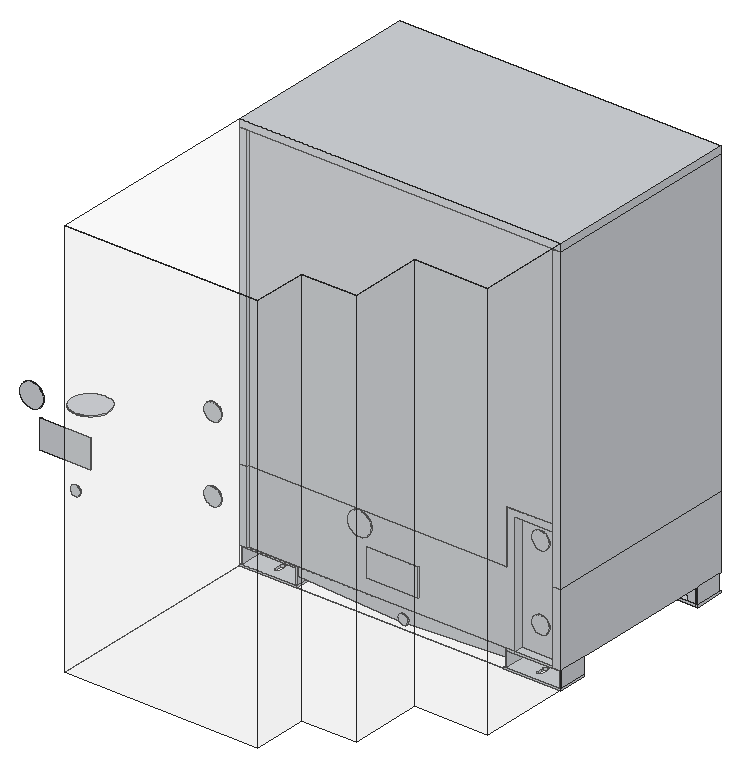
Revit family "pqry-p224_1000(s)dmg9_50Hz", category 機械設備, Revit 2019
Family settings
  丸型コネクタ寸法 = 直径を使用
  パーツ タイプ = 標準
  OmniClass 番号 = 23.75.10.24.21.27.27
  OmniClass タイトル = Split System Air Conditioning Units
  作業面ベース = いいえ
  常に垂直 = はい
  ロード時にボイドで切り取り = いいえ
  共有 = いいえ
  部屋計算ポイント = いいえ
Parameters (values of type "PQRY-P224DMG9")
  音響パワーレベル(dB) = 67
  電源種別 = ""
  電源径 = 65.00 mm  # constant formula
  電圧 = 200 V
  電動機出力_送風機 = 0 kW
  電動機出力_圧縮機 = 5.1 kW
  集中コントローラ [instance] = ""
  運転質量 = 178.00 kg
  運転方法 = "冷暖同時"
  質量 = 0.00 kg
  負荷分類 = 1_熱源類
  説明 = "ビル用マルチエアコン 室外ユニット シティマルチWR2 Eeco"
  設計暖房能力 [instance] = 0 kW
  設計冷房能力_顕熱 [instance] = 0 kW
  設計冷房能力 [instance] = 0 kW
  設置方法 = "床置形"
  記号 [instance] = ""
  製造元 = "三菱電機株式会社"
  製品質量 = 173.00 kg
  製品出荷対象 = "国内"
  製品リリース年月 = "2024/4/26"
  製品グループ = ""
  系統 [instance] = ""
  符号 = "EHP"
  積算_科目 = "1 空気調和設備"
  積算_拾い区分 [instance] = ""
  相 = 3
  盤記号 [instance] = ""
  発停方法 = "付属スイッチ"
  特殊仕様 [instance] = ""
  熱源水量 = 5.76 m³/h
  熱源水管径 = 48.60 mm
  熱源水入口温度_暖房 = 20
  熱源水入口温度_冷房 = 30
  消費電力_暖房 = 3.57 kW
  消費電力_冷房 = 4.05 kW
  消費電力 = if(消費電力_冷房 > 消費電力_暖房, 消費電力_冷房, 消費電力_暖房)  # 4.05 kW
  法定耐用年数 = "15"
  水配管出口径 = 水配管入口径  # 48.60 mm
  水配管入口径 = 48.60 mm  # constant formula
  水熱交換機器　保有水量 = 4.6
  機械基礎質量 [instance] = 0.00 kg
  機械基礎_W = 0.00 mm
  機械基礎_H = 0.00 mm
  機械基礎_D = 0.00 mm
  機械基礎 [instance] = no
  極数 = 3
  材質 [instance] = ""
  本体マテリアル = none
  最小電線太さ_mm2 = 5.5
  最大電流値 = 20 A
  暖房能力 = 25 kW
  損失水頭_熱源水一次側 = 24000.0 Pa
  推奨ブレーカー容量 = 30 A
  形式 = "マルチパッケージ形 室外機"
  冷媒液管径 = 15.88 mm
  冷媒ガス管径 = 19.05 mm
  ユニット2 = PQRY-P-DMG① : PQRY-P224DMG9
  幹線記号 [instance] = ""
  始動方式 = "インバーター"
  呼称 = "マルチパッケージ形空気調和機"
  周波数 = 50 Hz
  参照している仕様書等のバージョン = "公共建築工事標準仕様書（機械設備工事編）平成31年度版"
  分類コード = "50053005200000"
  分類グループ = ""
  冷房能力 = 22.4 kW
  冷媒管長 [instance] = 0.00 mm
  冷媒管径符号 = "De"
  冷媒管径 = 100.00 mm  # constant formula
  価格 = 0
  企業コード = "108420"
  付属品 [instance] = ""
  仕様書バージョン = "Version1.0"
  ユニット数 = 1
  ユニット2電源高さ = ユニット1電源高さ  # 216.00 mm
  ユニット2電源幅 = ユニット1電源幅  # 555.00 mm
  ユニット2ダクト左位置 = ユニット1ダクト左位置  # 394.00 mm
  ユニット2ダクト下位置 = ユニット1ダクト下位置  # 89.00 mm
  ユニット2水配管出口高さ = ユニット1水配管出口高さ  # 208.00 mm
  ユニット2水配管出口幅 = ユニット1水配管出口幅  # 77.00 mm
  ユニット2水配管入口高さ = ユニット1水配管入口高さ  # 124.00 mm
  ユニット2水配管入口幅 = ユニット1水配管入口幅  # 77.00 mm
  ユニット2冷媒高圧径 = 15.88 mm
  ユニット2冷媒管高さ = ユニット1冷媒管高さ  # 185.00 mm
  ユニット2冷媒管幅 = ユニット1冷媒管幅  # 463.50 mm
  ユニット2冷媒管奥行き = ユニット1冷媒管奥行き  # 91.00 mm
  ユニット2冷媒低圧径 = 19.05 mm
  ユニット2ドレン高さ = ユニット1ドレン高さ  # 23.00 mm
  ユニット2ドレン幅 = ユニット1ドレン幅  # 435.00 mm
  ユニット2表示 = no
  ユニット1 = PQRY-P-DMG① : PQRY-P224DMG9
  ユニット1電源高さ = 216.00 mm
  ユニット1電源幅 = 555.00 mm
  ユニット1ダクト左位置 = 394.00 mm
  ユニット1ダクト下位置 = 89.00 mm  # constant formula
  ユニット1水配管出口高さ = 208.00 mm
  ユニット1水配管出口幅 = ユニット1水配管入口幅  # 77.00 mm
  ユニット1水配管入口高さ = 124.00 mm
  ユニット1水配管入口幅 = 77.00 mm
  ユニット1冷媒高圧径 = 15.88 mm
  ユニット1冷媒管高さ = 185.00 mm
  ユニット1冷媒管幅 = 463.50 mm
  ユニット1冷媒管奥行き = 91.00 mm
  ユニット1冷媒低圧径 = 19.05 mm
  ユニット1ドレン高さ = 23.00 mm  # constant formula
  ユニット1ドレン幅 = 435.00 mm
  モデル = "PQRY-P224DMG9"
  ドレン管径 = 27.20 mm  # constant formula
  ダクト高 = 77 mm  # constant formula
  ダクト幅 = 140 mm  # constant formula
  サービススペース = yes
  ユニット間隔 = 20.00 mm  # constant formula
  コメント [instance] = ""
  Keynote = ""
  Width = 880.00 mm
  Version = ""
  Uniclass2015Version = "Systems v1.9"
  Uniclass2015Title = "Split coil remote air cooled condensing units"
  Uniclass2015Code = "Pr_70_65_03_84"
  URL = "https://www.mitsubishielectric.co.jp/ldg/wink/qr/002/331987/"
  SpecificationReference = ""
  SpecificationDescription = ""
  Revision = ""
  ProductInformation = ""
  OmniClassCode = "23-33 17 13 11"
  OUTLINE_2 = outline_w : outline_s
  OUTLINE_1 = outline_w : outline_s
  MAX風量 = 0 m³/h
  IfcTypeProduct = ""
  IfcProduct = ""
  IfcExportType = "AIRCONDITIONINGUNIT"
  IfcExportAs = "IfcUnitaryEquipmentType"
  Height = 1100.00 mm
  Depth = 550.00 mm
  Clearance Top = 0.00 mm
  Clearance Right = 0.00 mm
  Clearance Left = 0.00 mm
  Clearance Front = 600.00 mm
  Clearance Back = 0.00 mm
  COP = 0
  Author = "三菱電機株式会社"
  APF = 0
Reference planes
  plane 1: z = 0
  plane 2: z = 1100
  plane 3: z = 1100
  plane 4 "中心(正面/背面)": y = 275
  plane 5 "中心(左/右)": x = 1340
  plane 6 "左": x = 0
  plane 7 "正面": y = 0
  plane 8 "背面": y = 550
  plane 9: x = 880
  plane 10: x = 900
  plane 11: x = 1780
  plane 12: y = -150
  plane 13: y = 550
  plane 14: y = -600
  plane 15: x = 0
  plane 16: x = 1780
  plane 17: x = 440
  plane 18: y = 5
  plane 19: y = 4
  plane 20: y = 29
  plane 21: y = 28
  plane 22: x = 1703
  plane 23: x = 803
  plane 24: z = 332
  plane 25: z = 124
  plane 26: z = 124
  plane 27: z = 332
  plane 28: x = 445
  plane 29: x = 1345
  plane 30: z = 23
  plane 31: z = 23
  plane 32: x = 325
  plane 33: x = 1225
  plane 34: z = 216
  plane 35: z = 216
  plane 36: x = 486
  plane 37: x = 346
  plane 38: x = 1386
  plane 39: x = 1246
  plane 40: z = 166
  plane 41: z = 89
  plane 42: z = 166
  plane 43: z = 89
  plane 44: x = 416.5
  plane 45: x = 1316.5
  plane 46: y = 91
  plane 47: y = 91
  plane 48: z = 185
  plane 49: z = 186
  plane 50: z = 185
  plane 51: z = 186
Forms (mm)
  Extrusion 1, solid, detail levels fine
    sketch origin (0, 275, 0) x (1, 0, 0) y (0, 0, 1)
      loop
        circle (803, 332) r 24.3
      loop
        circle (803, 124) r 24.3
    from 246 to 247
  Extrusion 2, solid, visible <- "ユニット2表示", detail levels fine
    sketch origin (0, 275, 0) x (1, 0, 0) y (0, 0, 1)
      loop
        circle (1703, 332) r 24.3
      loop
        circle (1703, 124) r 24.3
    from 246 to 247
  Extrusion 3, solid, detail levels fine
    sketch origin (0, 275, 0) x (1, 0, 0) y (0, 0, 1)
      loop
        circle (445, 23) r 13.6
    from 270 to 271
  Extrusion 4, solid, visible <- "ユニット2表示", detail levels fine
    sketch origin (0, 275, 0) x (1, 0, 0) y (0, 0, 1)
      loop
        circle (1345, 23) r 13.6
    from 270 to 271
  Extrusion 5, solid, visible <- "ユニット2表示", detail levels fine
    sketch origin (0, 275, 0) x (1, 0, 0) y (0, 0, 1)
      loop
        circle (1225, 216) r 32.5
    from 270 to 271
  Extrusion 6, solid, detail levels fine
    sketch origin (0, 275, 0) x (1, 0, 0) y (0, 0, 1)
      loop
        circle (325, 216) r 32.5
    from 270 to 271
  Extrusion 7, solid, visible <- "ユニット2表示", detail levels fine
    sketch origin (0, 275, 0) x (1, 0, 0) y (0, 0, 1)
      loop
        line (1246, 166) -> (1246, 89) -> (1386, 89) -> (1386, 166) -> (1246, 166)
    from 270 to 271
  Extrusion 8, solid, detail levels fine
    sketch origin (0, 275, 0) x (1, 0, 0) y (0, 0, 1)
      loop
        line (346, 89) -> (486, 89) -> (486, 166) -> (346, 166) -> (346, 89)
    from 270 to 271
  Extrusion 9, solid, detail levels fine
    sketch origin (0, 0, 0) x (1, 0, 0) y (0, 1, 0)
      loop
        circle (416.5, 91) r 50
    from 185 to 186
  Extrusion 10, solid, visible <- "ユニット2表示", detail levels fine
    sketch origin (0, 0, 0) x (1, 0, 0) y (0, 1, 0)
      loop
        circle (1316.5, 91) r 50
    from 185 to 186
Dimensions and locks
  "Clearance Top": plane 3 to plane 2
  equal spacing: plane 7 "正面", plane 4 "中心(正面/背面)", plane 8 "背面"
  "Width": plane 6 "左" to plane 9
  "Width": plane 10 to plane 11
  "ユニット間隔": plane 9 to plane 10
  "Clearance Back": plane 13 to plane 8 "背面"
  "Clearance Front": plane 14 to plane 7 "正面"
  "Clearance Left": plane 15 to plane 6 "左"
  "Depth": plane 7 "正面" to plane 8 "背面"
  equal spacing: plane 6 "左", plane 17, plane 9
  equal spacing: plane 10, plane 5 "中心(左/右)", plane 11
  "Clearance Right": plane 11 to plane 16
  "Height": plane 2 to level
  locked: plane 19 to plane 18 at 1
  locked: plane 7 "正面" to plane 18 at 5
  locked: plane 21 to plane 20 at 1
  locked: plane 7 "正面" to plane 20 at 29
  "ユニット2水配管入口幅": plane 11 to plane 22
  "ユニット1水配管入口幅": plane 9 to plane 23
  "ユニット1水配管入口高さ": plane 25 to plane 1
  "ユニット1水配管出口高さ": plane 24 to plane 25
  "ユニット2水配管入口高さ": plane 26 to plane 1
  "ユニット2水配管出口高さ": plane 27 to plane 26
  "ユニット2ドレン高さ": plane 30 to plane 1
  "ユニット1ドレン幅": plane 9 to plane 28
  "ユニット2ドレン幅": plane 11 to plane 29
  "ユニット1ドレン高さ": plane 31 to plane 1
  "ユニット1電源高さ": plane 35 to plane 1
  "ユニット1電源幅": plane 9 to plane 32
  "ユニット2電源高さ": plane 34 to plane 1
  "ユニット2電源幅": plane 11 to plane 33
  "ユニット1ダクト左位置": plane 9 to plane 36
  "ダクト幅": plane 36 to plane 37
  "ユニット2ダクト左位置": plane 11 to plane 38
  "ダクト幅": plane 38 to plane 39
  "ユニット1ダクト下位置": plane 41 to plane 1
  "ダクト高": plane 42 to plane 43
  "ユニット2ダクト下位置": plane 43 to plane 1
  "ダクト高": plane 40 to plane 41
  "ユニット1冷媒管奥行き": plane 7 "正面" to plane 46
  "ユニット2冷媒管奥行き": plane 7 "正面" to plane 47
  "ユニット1冷媒管幅": plane 9 to plane 44
  "ユニット2冷媒管幅": plane 11 to plane 45
  locked: plane 49 to plane 48 at 1
  locked: plane 51 to plane 50 at 1
  "ユニット1冷媒管高さ": plane 48 to plane 1
  "ユニット2冷媒管高さ": plane 50 to plane 1
  "水配管出口径": diameter of Extrusion 1 sketch curve
  "水配管入口径": diameter of Extrusion 1 sketch curve
  "水配管出口径": diameter of Extrusion 2 sketch curve
  "水配管入口径": diameter of Extrusion 2 sketch curve
  "ドレン管径": diameter of Extrusion 3 sketch curve
  "ドレン管径": diameter of Extrusion 4 sketch curve
  "電源径": diameter of Extrusion 6 sketch curve
  "電源径": diameter of Extrusion 5 sketch curve
  "冷媒管径": diameter of Extrusion 9 sketch curve
  "冷媒管径": diameter of Extrusion 10 sketch curve
  aligned and locked: level to plane 1
  aligned and locked: plane 1 to nested 1
  aligned and locked: plane 3 to nested 1
  aligned and locked: plane 3 to nested 4
  aligned and locked: plane 24 to Extrusion 1 sketch curve
  aligned and locked: plane 25 to Extrusion 1 sketch curve
  aligned and locked: plane 23 to Extrusion 1 sketch curve  (x2)
  aligned and locked: Extrusion 1 to plane 20
  aligned and locked: plane 21 to Extrusion 1
  aligned and locked: plane 27 to Extrusion 2 sketch curve
  aligned and locked: plane 22 to Extrusion 2 sketch curve  (x2)
  aligned and locked: plane 26 to Extrusion 2 sketch curve
  aligned and locked: Extrusion 2 to plane 20
  aligned and locked: plane 21 to Extrusion 2
  aligned and locked: plane 28 to Extrusion 3 sketch curve
  aligned and locked: plane 30 to Extrusion 4 sketch curve
  aligned and locked: plane 29 to Extrusion 4 sketch curve
  aligned and locked: Extrusion 4 to plane 18
  aligned and locked: plane 19 to Extrusion 4
  aligned and locked: plane 18 to Extrusion 3
  aligned and locked: plane 19 to Extrusion 3
  aligned and locked: plane 31 to Extrusion 3 sketch curve
  aligned and locked: plane 35 to Extrusion 6 sketch curve
  aligned and locked: plane 32 to Extrusion 6 sketch curve
  aligned and locked: plane 34 to Extrusion 5 sketch curve
  aligned and locked: plane 33 to Extrusion 5 sketch curve
  aligned and locked: Extrusion 6 to plane 18
  aligned and locked: plane 19 to Extrusion 6
  aligned and locked: Extrusion 5 to plane 18
  aligned and locked: plane 19 to Extrusion 5
  aligned and locked: Extrusion 7 sketch curve to plane 42
  aligned and locked: plane 39 to Extrusion 7 sketch curve
  aligned and locked: plane 43 to Extrusion 7 sketch curve
  aligned and locked: Extrusion 7 sketch curve to plane 38
  aligned and locked: Extrusion 7 to plane 18
  aligned and locked: plane 19 to Extrusion 7
  aligned and locked: Extrusion 8 sketch curve to plane 41
  aligned and locked: plane 37 to Extrusion 8 sketch curve
  aligned and locked: plane 40 to Extrusion 8 sketch curve
  aligned and locked: Extrusion 8 sketch curve to plane 36
  aligned and locked: Extrusion 8 to plane 18
  aligned and locked: plane 19 to Extrusion 8
  aligned and locked: plane 46 to Extrusion 9 sketch curve
  aligned and locked: plane 44 to Extrusion 9 sketch curve
  aligned and locked: plane 47 to Extrusion 10 sketch curve
  aligned and locked: plane 45 to Extrusion 10 sketch curve
  aligned and locked: plane 51 to Extrusion 10
  aligned and locked: Extrusion 10 to plane 50
  aligned and locked: plane 49 to Extrusion 9
  aligned and locked: Extrusion 9 to plane 48
  aligned and locked: plane 4 "中心(正面/背面)" to nested 2
  aligned and locked: plane 17 to nested 2
  aligned and locked: plane 5 "中心(左/右)" to nested 3
  aligned and locked: plane 4 "中心(正面/背面)" to nested 3
  aligned and locked: plane 15 to nested 4
  aligned and locked: plane 9 to nested 4
  aligned and locked: nested 4 to plane 14
  aligned and locked: plane 7 "正面" to nested 4
  aligned and locked: nested 3 to plane 7 "正面"
  aligned and locked: plane 16 to nested 1
  aligned and locked: nested 1 to plane 14
  aligned and locked: plane 10 to nested 1
  aligned and locked: plane 4 "中心(正面/背面)" to nested 5
  aligned and locked: plane 4 "中心(正面/背面)" to nested 6
  aligned and locked: plane 5 "中心(左/右)" to nested 6
  aligned and locked: plane 17 to nested 5
Nested families
  nested 1: "サービススペース(pqry-p)" at (1340, -300, 550), type "サービススペース(pqry-p)"
    with 表示 yes, Width 880.00 mm, Height 1100.00 mm, Depth 600.00 mm
  nested 2: "PQRY-P-DMG①" at (440, 275, 0), type <- "ユニット2", ⑥水配管-径 <- "水配管入口径", ⑥水配管-H <- "ユニット2水配管入口高さ", ⑥水配管-W <- "ユニット2水配管出口幅", ⑦水配管-H <- "ユニット2水配管出口高さ", マテリアル1 <- "本体マテリアル", ⑧ドレン-H <- "ユニット2ドレン高さ", ⑧ドレン-W <- "ユニット2ドレン幅", ⑧ドレン-径 <- "ドレン管径", ①-H <- "ユニット2ダクト下位置", ①-W <- "ユニット2ダクト左位置", ①配管用-H <- "ダクト高", ①配管用-W <- "ダクト幅", ③電源-H <- "ユニット2電源高さ", ③電源-W <- "ユニット2電源幅", ③電源-径 <- "電源径", 圧-径 <- "冷媒管径", 低圧-D <- "ユニット2冷媒管奥行き", 低圧-H <- "ユニット2冷媒管高さ", 低圧-径 <- "ユニット2冷媒低圧径", 高圧-D <- "ユニット2冷媒管奥行き", 高圧-H <- "ユニット2冷媒管高さ", 高圧-径 <- "ユニット2冷媒高圧径", ユニット表示 <- "ユニット2表示", type "PQRY-P224DMG9"
    with 高圧-径 15.88 mm, 高圧-W 83.00 mm, 高圧-H 185.00 mm, 高圧-D 91.00 mm, 高 1100.00 mm, 幅 880.00 mm, 奥行 550.00 mm, 圧-径 100.00 mm, 吊りボルト-径 14.00 mm, 吊りボルト-W 721.00 mm, 吊りボルト-D 473.00 mm, 低圧-径 19.05 mm, 低圧-W 422.00 mm, 低圧-H 185.00 mm, 低圧-D 91.00 mm, ユニット表示 no, マテリアル2 none, マテリアル1 none, ⑧ドレン-径 27.20 mm, ⑧ドレン-W 435.00 mm, ⑧ドレン-H 23.00 mm, ⑦水配管-径 48.60 mm, ⑦水配管-W 77.00 mm, ⑦水配管-H 208.00 mm, ⑥水配管-径 48.60 mm, ⑥水配管-W 77.00 mm, ⑥水配管-H 124.00 mm, ③電源-径 65.00 mm, ③電源-W 555.00 mm, ③電源-H 216.00 mm, ①配管用-W 140.00 mm, ①配管用-H 77.00 mm, ①-W 394.00 mm, ①-H 89.00 mm
  nested 3: "PQRY-P-DMG①" at (1340, 275, 0), type <- "ユニット1", ⑥水配管-径 <- "水配管入口径", ⑧ドレン-H <- "ユニット1ドレン高さ", ⑧ドレン-W <- "ユニット1ドレン幅", ⑧ドレン-径 <- "ドレン管径", ⑥水配管-H <- "ユニット1水配管入口高さ", ⑥水配管-W <- "ユニット1水配管入口幅", ⑦水配管-H <- "ユニット1水配管出口高さ", ①-H <- "ユニット1ダクト下位置", ①-W <- "ユニット1ダクト左位置", ①配管用-H <- "ダクト高", ①配管用-W <- "ダクト幅", ③電源-H <- "ユニット1電源高さ", ③電源-W <- "ユニット1電源幅", ③電源-径 <- "電源径", 圧-径 <- "冷媒管径", 低圧-D <- "ユニット1冷媒管奥行き", 低圧-H <- "ユニット1冷媒管高さ", 低圧-径 <- "ユニット1冷媒低圧径", 高圧-D <- "ユニット1冷媒管奥行き", 高圧-H <- "ユニット1冷媒管高さ", 高圧-径 <- "ユニット1冷媒高圧径", マテリアル1 <- "本体マテリアル", type "PQRY-P224DMG9"
    with 高圧-径 15.88 mm, 高圧-W 83.00 mm, 高圧-H 185.00 mm, 高圧-D 91.00 mm, 高 1100.00 mm, 幅 880.00 mm, 奥行 550.00 mm, 圧-径 100.00 mm, 吊りボルト-径 14.00 mm, 吊りボルト-W 721.00 mm, 吊りボルト-D 473.00 mm, 低圧-径 19.05 mm, 低圧-W 422.00 mm, 低圧-H 185.00 mm, 低圧-D 91.00 mm, ユニット表示 yes, マテリアル2 none, マテリアル1 none, ⑧ドレン-径 27.20 mm, ⑧ドレン-W 435.00 mm, ⑧ドレン-H 23.00 mm, ⑦水配管-径 48.60 mm, ⑦水配管-W 77.00 mm, ⑦水配管-H 208.00 mm, ⑥水配管-径 48.60 mm, ⑥水配管-W 77.00 mm, ⑥水配管-H 124.00 mm, ③電源-径 65.00 mm, ③電源-W 555.00 mm, ③電源-H 216.00 mm, ①配管用-W 140.00 mm, ①配管用-H 77.00 mm, ①-W 394.00 mm, ①-H 89.00 mm
  nested 4: "サービススペース(pqry-p)" at (440, -300, 550), 表示 <- "ユニット2表示", type "サービススペース(pqry-p)"
    with 表示 no, Width 880.00 mm, Height 1100.00 mm, Depth 600.00 mm
  nested 5: "outline_w" at (440, 275, 0), ユニット2 <- "ユニット2表示", type <- "OUTLINE_2", Height <- "Height", OUTLINE表示 <- "ユニット2表示", type "outline_s"
    with ユニット2 no, Width 880.00 mm, OUTLINE表示 no, Height 1100.00 mm, Depth 550.00 mm
  nested 6: "outline_w" at (1340, 275, 0), type <- "OUTLINE_1", Height <- "Height", type "outline_s"
    with ユニット2 yes, Width 880.00 mm, OUTLINE表示 yes, Height 1100.00 mm, Depth 550.00 mm
Connectors
  piping at (1316.5, 91, 185), diameter 100, driven by "冷媒管径", driven by "冷媒管径符号"
    settings: on Extrusion 10, index 1, connector inside diameter 609.60 mm, connector length 0.00 mm, flow factor 0, pipe flow 0.0 m³/h, pressure drop 0.0 Pa, fitting loss kfactor 0, connector angle 0.00°, fixture units 0, engagement length 0.00 mm, angle of deflection 0.00°, flow configuration 1, flow direction 2, fitting loss method 4, system type 7, joint type 0, gender type 0, connector reference index -1, connector utility 0, adjustable connector no, is connector primary yes, connector description "De"
  piping at (416.5, 91, 185), diameter 100, driven by "冷媒管径", driven by "冷媒管径符号"
    settings: on Extrusion 9, index 2, connector inside diameter 609.60 mm, connector length 0.00 mm, flow factor 0, pipe flow 0.0 m³/h, pressure drop 0.0 Pa, fitting loss kfactor 0, connector angle 0.00°, fixture units 0, engagement length 0.00 mm, angle of deflection 0.00°, flow configuration 1, flow direction 2, fitting loss method 4, system type 7, joint type 0, gender type 0, connector reference index -1, connector utility 0, adjustable connector no, is connector primary no, connector description "De"
  electrical at (1225, 4, 216), driven by "極数", driven by "負荷分類", driven by "電圧", driven by "消費電力"
    settings: on Extrusion 5, index 3, voltage 200 V, apparent load 4050 VA, apparent load phase1 0 VA, apparent load phase2 0 VA, apparent load phase3 0 VA, power factor 1, load classification "1_熱源類", number of poles 3, system type 30, power factor state 1, is connector primary yes, connector utility no, sub classification motor no, connector description ""
  electrical at (325, 4, 216), driven by "極数", driven by "負荷分類", driven by "電圧", driven by "消費電力"
    settings: on Extrusion 6, index 4, voltage 200 V, apparent load 4050 VA, apparent load phase1 0 VA, apparent load phase2 0 VA, apparent load phase3 0 VA, power factor 1, load classification "1_熱源類", number of poles 3, system type 30, power factor state 1, is connector primary no, connector utility no, sub classification motor no, connector description ""
  hvac at (1316, 4, 127.5), driven by "ダクト高", driven by "ダクト幅", driven by "冷媒管径符号"
    settings: on Extrusion 7, index 5, duct flow 0 m³/h, flow factor 0, pres drop 0.0 Pa, loss coef 0, conn angle 0.00°, conn width 140 mm, conn height 77 mm, conn diameter 609.6 mm, duct sys type 29, conn prof type 1, flow config 1, flow direction 2, loss method 0, conn ref index -1, conn util no, is conn primary yes, conn desc "De"
  hvac at (416, 4, 127.5), driven by "ダクト高", driven by "ダクト幅", driven by "冷媒管径符号"
    settings: on Extrusion 8, index 6, duct flow 0 m³/h, flow factor 0, pres drop 0.0 Pa, loss coef 0, conn angle 0.00°, conn width 140 mm, conn height 77 mm, conn diameter 609.6 mm, duct sys type 29, conn prof type 1, flow config 1, flow direction 2, loss method 0, conn ref index -1, conn util no, is conn primary no, conn desc "De"
  piping at (1345, 4, 23), diameter 27.2, driven by "ドレン管径"
    settings: on Extrusion 4, index 7, connector inside diameter 609.60 mm, connector length 0.00 mm, flow factor 0, pipe flow 0.0 m³/h, pressure drop 0.0 Pa, fitting loss kfactor 0, connector angle 0.00°, fixture units 0, engagement length 0.00 mm, angle of deflection 0.00°, flow configuration 1, flow direction 2, fitting loss method 4, system type 16, joint type 0, gender type 0, connector reference index -1, connector utility 0, adjustable connector no, is connector primary no, connector description ""
  piping at (445, 4, 23), diameter 27.2, driven by "ドレン管径"
    settings: on Extrusion 3, index 8, connector inside diameter 609.60 mm, connector length 0.00 mm, flow factor 0, pipe flow 0.0 m³/h, pressure drop 0.0 Pa, fitting loss kfactor 0, connector angle 0.00°, fixture units 0, engagement length 0.00 mm, angle of deflection 0.00°, flow configuration 1, flow direction 2, fitting loss method 4, system type 16, joint type 0, gender type 0, connector reference index -1, connector utility 0, adjustable connector no, is connector primary no, connector description ""
  piping at (803, 28, 124), diameter 48.6, driven by "水配管入口径", driven by "熱源水量", driven by "損失水頭_熱源水一次側"
    settings: on Extrusion 1, index 9, connector inside diameter 609.60 mm, connector length 0.00 mm, flow factor 0, pipe flow 5.76 m³/h, pressure drop 24000.0 Pa, fitting loss kfactor 0, connector angle 0.00°, fixture units 0, engagement length 0.00 mm, angle of deflection 0.00°, flow configuration 1, flow direction 1, fitting loss method 4, system type 8, joint type 0, gender type 0, connector reference index -1, connector utility 0, adjustable connector no, is connector primary no, connector description ""
  piping at (803, 28, 332), diameter 48.6, driven by "水配管出口径", driven by "熱源水量", driven by "損失水頭_熱源水一次側"
    settings: on Extrusion 1, index 10, connector inside diameter 609.60 mm, connector length 0.00 mm, flow factor 0, pipe flow 5.76 m³/h, pressure drop 24000.0 Pa, fitting loss kfactor 0, connector angle 0.00°, fixture units 0, engagement length 0.00 mm, angle of deflection 0.00°, flow configuration 1, flow direction 2, fitting loss method 4, system type 7, joint type 0, gender type 0, connector reference index -1, connector utility 0, adjustable connector no, is connector primary no, connector description ""
  piping at (1703, 28, 332), diameter 48.6, driven by "水配管出口径", driven by "熱源水量", driven by "損失水頭_熱源水一次側"
    settings: on Extrusion 2, index 11, connector inside diameter 609.60 mm, connector length 0.00 mm, flow factor 0, pipe flow 5.76 m³/h, pressure drop 24000.0 Pa, fitting loss kfactor 0, connector angle 0.00°, fixture units 0, engagement length 0.00 mm, angle of deflection 0.00°, flow configuration 1, flow direction 2, fitting loss method 4, system type 7, joint type 0, gender type 0, connector reference index -1, connector utility 0, adjustable connector no, is connector primary no, connector description ""
  piping at (1703, 28, 124), diameter 48.6, driven by "水配管入口径", driven by "熱源水量", driven by "損失水頭_熱源水一次側"
    settings: on Extrusion 2, index 12, connector inside diameter 609.60 mm, connector length 0.00 mm, flow factor 0, pipe flow 5.76 m³/h, pressure drop 24000.0 Pa, fitting loss kfactor 0, connector angle 0.00°, fixture units 0, engagement length 0.00 mm, angle of deflection 0.00°, flow configuration 1, flow direction 1, fitting loss method 4, system type 8, joint type 0, gender type 0, connector reference index -1, connector utility 0, adjustable connector no, is connector primary no, connector description ""
Definition of nested family "サービススペース(pqry-p)"
  Parameters (values of type "サービススペース")
    表示 [instance] = yes
    Width [instance] = 880.00 mm
    Height [instance] = 500.00 mm
    Depth [instance] = 600.00 mm
  Reference planes
    plane 1 "中心(正面/背面)": y = 0
    plane 2: z = 0
    plane 3 "中心(左/右)": x = 0
    plane 4: y = -300
    plane 5: x = 440
    plane 6: y = 300
    plane 7: x = -440
    plane 8: z = 250
    plane 9: z = -250
    plane 10: y = 50
    plane 11: y = -150
    plane 12: x = 240
    plane 13: x = 90
  Forms (mm)
    Extrusion 1, solid, visible <- "表示"
      sketch origin (-638.939, 0, 72.39) x (1, 0, 0) y (0, 1, 0)
        loop
          line (198.939, 300) -> (198.939, -300) -> (728.939, -300) -> (728.939, -150) -> (878.939, -150) -> (878.939, 50) -> (1078.939, 50) -> (1078.939, 300) -> (198.939, 300)
      from -322.39 to 177.61
  Lines and regions (mm)
    symbolic lines
      curve 1: line (-440, 0, 250) -> (440, 0, 250)
      curve 2: line (-440, 0, -250) -> (-440, 0, 250)
      curve 3: line (440, 0, -250) -> (-440, 0, -250)
      curve 4: line (440, 0, 250) -> (440, 0, -250)
      curve 5: line (0, -300, 250) -> (0, 300, 250)
      curve 6: line (0, -300, -250) -> (0, -300, 250)
      curve 7: line (0, 300, -250) -> (0, -300, -250)
      curve 8: line (0, 300, 250) -> (0, 300, -250)
    symbolic lines, visible <- "表示"
      curve 9: line (-440, 300, 0) -> (440, 300, 0)
      curve 10: line (-440, -300, 0) -> (-440, 300, 0)
      curve 11: line (90, -300, 0) -> (-440, -300, 0)
      curve 12: line (440, 300, 0) -> (440, 50, 0)
      curve 13: line (240, 50, 0) -> (440, 50, 0)
      curve 14: line (240, -150, 0) -> (240, 50, 0)
      curve 15: line (90, -150, 0) -> (240, -150, 0)
      curve 16: line (90, -300, 0) -> (90, -150, 0)
  Dimensions and locks
    equal spacing: plane 7, plane 3 "中心(左/右)", plane 5
    equal spacing: plane 4, plane 1 "中心(正面/背面)", plane 6
    "Depth": plane 4 to plane 6
    "Width": plane 7 to plane 5
    equal spacing: plane 8, plane 2, plane 9
    "Height": plane 8 to plane 9
    locked: plane 10 to plane 6 at 250
    locked: plane 11 to plane 6 at 450
    locked: plane 12 to plane 5 at 200
    locked: plane 13 to plane 5 at 350
    aligned and locked: plane 9 to curve 3
    aligned and locked: plane 7 to curve 2
    aligned and locked: curve 4 to plane 5
    aligned and locked: plane 5 to Extrusion 1
    aligned and locked: Extrusion 1 to plane 7
    aligned and locked: Extrusion 1 to plane 9
    aligned and locked: plane 8 to Extrusion 1
    aligned and locked: plane 9 to curve 7
    aligned and locked: Extrusion 1 sketch curve to plane 10
    aligned and locked: Extrusion 1 sketch curve to plane 12
    aligned and locked: Extrusion 1 sketch curve to plane 13
    aligned and locked: Extrusion 1 sketch curve to plane 11
    aligned and locked: curve 13 to Extrusion 1
    aligned and locked: curve 14 to Extrusion 1
    aligned and locked: curve 15 to Extrusion 1
    aligned and locked: curve 16 to Extrusion 1
  Automatic sketch dimensions
    plane 4 to Extrusion 1 sketch curve = 0.00 mm
    Extrusion 1 sketch curve to plane 7 = 0.00 mm
    plane 6 to Extrusion 1 sketch curve = 0.00 mm
    curve 2 to plane 8 = 0.00 mm
    plane 4 to curve 11 = 0.00 mm
    curve 11 to plane 7 = 0.00 mm
    plane 6 to curve 10 = 0.00 mm
    curve 7 to plane 4 = 0.00 mm
    curve 7 to plane 6 = 0.00 mm
    curve 6 to plane 8 = 0.00 mm
    Extrusion 1 sketch curve to plane 5 = 0.00 mm
    curve 12 to plane 5 = 0.00 mm
Definition of nested family "PQRY-P-DMG①"
  Parameters (values of type "PQRY-P224DMG5")
    高圧-径 [instance] = 15.88 mm
    高圧-W [instance] = 83.00 mm
    高圧-H [instance] = 185.00 mm
    高圧-D [instance] = 91.00 mm
    高 [instance] = 1100.00 mm
    圧-径 [instance] = 100.00 mm
    ⑦水配管-径 [instance] = [⑥水配管-径]  # 52.00 mm
    ⑦水配管-W [instance] = [⑥水配管-W]  # 77.00 mm
    ⑦水配管-H [instance] = 208.00 mm
    ⑥水配管-径 [instance] = 52.00 mm
    ⑥水配管-W [instance] = 77.00 mm
    ⑥水配管-H [instance] = 124.00 mm
    ③電源-径 [instance] = 65.00 mm
    ③電源-W [instance] = 555.00 mm
    ③電源-H [instance] = 216.00 mm
    ユニット表示 [instance] = yes
    幅 [instance] = 880.00 mm
    奥行 [instance] = 550.00 mm
    吊りボルト-径 [instance] = 14.00 mm
    吊りボルト-W [instance] = 721.00 mm
    吊りボルト-D [instance] = 473.00 mm
    低圧-径 [instance] = 19.05 mm
    低圧-W [instance] = 422.00 mm
    低圧-H [instance] = 185.00 mm
    低圧-D [instance] = 91.00 mm
    マテリアル2 [instance] = none
    マテリアル1 [instance] = none
    ⑧ドレン-径 [instance] = 26.00 mm
    ⑧ドレン-W [instance] = 435.00 mm
    ⑧ドレン-H [instance] = 23.00 mm
    ①配管用-W [instance] = 140.00 mm
    ①配管用-H [instance] = 77.00 mm
    ①-W [instance] = 394.00 mm
    ①-H [instance] = 89.00 mm
  Types (4): name
    (no name)
    PQRY-P224DMG5
    PQRY-P280DMG5
    PQRY-P335DMG5
  Reference planes
    plane 1 "中心(正面/背面)": y = 0
    plane 2: z = 0
    plane 3 "中心(左/右)": x = 0
    plane 4: x = 440
    plane 5: x = -440
    plane 6: y = 275
    plane 7: y = -275
    plane 8: z = 1100
    plane 9: z = 250
    plane 10: z = 400
    plane 11: z = 1080
    plane 12: x = 420
    plane 13: x = -420
    plane 14: x = 290
    plane 15: z = 50
    plane 16: y = -246
    plane 17: y = 270
    plane 18: y = -270
    plane 19: y = 236.5
    plane 20: y = -236.5
    plane 21: x = 360.5
    plane 22: x = -360.5
    plane 23: y = 195
    plane 24: y = -195
    plane 25: x = -285
    plane 26: x = 285
    plane 27: z = 23
    plane 28: x = 5
    plane 29: x = -115
    plane 30: z = 216
    plane 31: y = -184
    plane 32: x = 18
    plane 33: x = -65
    plane 34: z = 185
    plane 35: z = 285
    plane 36: y = 271
    plane 37: y = -271
    plane 38: y = -274
    plane 39: y = -247
    plane 40: x = 363
    plane 41: z = 124
    plane 42: z = 332
    plane 43: x = 18
    plane 44: z = 216
    plane 45: x = 46
    plane 46: x = -94
    plane 47: z = 89
    plane 48: z = 166
    plane 49: x = -23.5
  Forms (mm)
    Extrusion 1, solid, material <- "マテリアル2", visible <- "ユニット表示", detail levels fine
      sketch origin (0, 0, 0) x (1, 0, 0) y (0, 1, 0)
        loop
          line (-440, 275) -> (-440, -275) -> (-420, -275) -> (-420, 275) -> (-440, 275)
        loop
          line (420, 275) -> (420, -275) -> (440, -275) -> (440, 275) -> (420, 275)
      from 50 to 250
    Extrusion 2, solid, material <- "マテリアル2", visible <- "ユニット表示", detail levels fine
      sketch origin (0, 0, 0) x (1, 0, 0) y (0, 1, 0)
        loop
          line (-420, -270) -> (290, -270) -> (290, 0) -> (420, 0) -> (420, 270) -> (-420, 270) -> (-420, -270)
      from 50 to 250
    Extrusion 3, solid, material <- "マテリアル2", visible <- "ユニット表示", detail levels fine
      sketch origin (0, 0, 0) x (1, 0, 0) y (0, 0, 1)
        loop
          line (420, 50) -> (420, 380) -> (310, 380) -> (310, 50) -> (420, 50)
      from 0 to 246
    Extrusion 4, solid, material <- "マテリアル1", visible <- "ユニット表示", detail levels fine
      sketch origin (-1437.329, -1524, 250) x (-1, 0, 0) y (0, -1, 0)
        loop
          line (-1017.329, -1794) -> (-1017.329, -1254) -> (-1727.329, -1254) -> (-1727.329, -1524) -> (-1857.329, -1524) -> (-1857.329, -1794) -> (-1017.329, -1794)
      from 0 to 150
    Extrusion 5, solid, material <- "マテリアル1", visible <- "ユニット表示", detail levels fine
      sketch origin (-1437.329, -1524, 250) x (-1, 0, 0) y (0, -1, 0)
        loop
          line (-1857.329, -1799) -> (-1857.329, -1249) -> (-1877.329, -1249) -> (-1877.329, -1799) -> (-1857.329, -1799)
        loop
          line (-997.329, -1799) -> (-997.329, -1249) -> (-1017.329, -1249) -> (-1017.329, -1799) -> (-997.329, -1799)
      from 0 to 830
    Extrusion 6, solid, material <- "マテリアル1", visible <- "ユニット表示", detail levels fine
      sketch origin (-1437.329, -1524, 250) x (-1, 0, 0) y (0, -1, 0)
        loop
          line (-1017.329, -1794) -> (-1017.329, -1254) -> (-1857.329, -1254) -> (-1857.329, -1794) -> (-1017.329, -1794)
      from 150 to 830
    Extrusion 7, solid, material <- "マテリアル2", visible <- "ユニット表示", detail levels fine
      sketch origin (0, 0, 0) x (1, 0, 0) y (0, 0, 1)
        loop
          line (290, 400) -> (290, 50) -> (310, 50) -> (310, 380) -> (420, 380) -> (420, 400) -> (290, 400)
      from 0 to 270
    Extrusion 8, solid, material <- "マテリアル1", visible <- "ユニット表示", detail levels fine
      sketch origin (-1437.329, -1524, 250) x (-1, 0, 0) y (0, -1, 0)
        loop
          line (-997.329, -1799) -> (-997.329, -1249) -> (-1877.329, -1249) -> (-1877.329, -1799) -> (-997.329, -1799)
      from 830 to 850
    Extrusion 9, solid, material <- "マテリアル2", visible <- "ユニット表示", detail levels fine
      sketch origin (0, 0, 0) x (1, 0, 0) y (0, 1, 0)
        loop
          line (-440, 275) -> (-440, 195) -> (-285, 195) -> (-285, 275) -> (-440, 275)
        loop
          line (440, 275) -> (285, 275) -> (285, 195) -> (440, 195) -> (440, 275)
        loop
          line (285, -195) -> (285, -275) -> (440, -275) -> (440, -195) -> (285, -195)
        loop
          line (-440, -195) -> (-440, -275) -> (-285, -275) -> (-285, -195) -> (-440, -195)
        loop
          arc (-353.5, 245) -> (-360.5, 252) -> (-367.5, 245) r 7
          line (-367.5, 245) -> (-367.5, 228)
          arc (-367.5, 228) -> (-360.5, 221) -> (-353.5, 228) r 7
          line (-353.5, 228) -> (-353.5, 245)
        loop
          line (353.5, 245) -> (353.5, 228)
          arc (353.5, 228) -> (360.5, 221) -> (367.5, 228) r 7
          line (367.5, 228) -> (367.5, 245)
          arc (367.5, 245) -> (360.5, 252) -> (353.5, 245) r 7
        loop
          arc (353.5, -245) -> (360.5, -252) -> (367.5, -245) r 7
          line (367.5, -245) -> (367.5, -228)
          arc (367.5, -228) -> (360.5, -221) -> (353.5, -228) r 7
          line (353.5, -228) -> (353.5, -245)
        loop
          line (-353.5, -245) -> (-353.5, -228)
          arc (-353.5, -228) -> (-360.5, -221) -> (-367.5, -228) r 7
          line (-367.5, -228) -> (-367.5, -245)
          arc (-367.5, -245) -> (-360.5, -252) -> (-353.5, -245) r 7
      from 0 to 5
    Extrusion 10, solid, material <- "マテリアル2", visible <- "ユニット表示", detail levels fine
      sketch origin (0, 0, 0) x (1, 0, 0) y (0, 0, 1)
        loop
          line (285, 50) -> (285, 5) -> (290, 5) -> (290, 45) -> (435, 45) -> (435, 5) -> (440, 5) -> (440, 50) -> (285, 50)
      from 195 to 270
    Extrusion 11, solid, material <- "マテリアル2", visible <- "ユニット表示", detail levels fine
      sketch origin (0, 0, 0) x (1, 0, 0) y (0, 0, 1)
        loop
          line (290, 45) -> (290, 5) -> (310, 5) -> (310, 10)
          arc (310, 10) -> (314.393, 20.607) -> (325, 25) r 15
          line (325, 25) -> (400, 25)
          arc (400, 25) -> (410.607, 20.607) -> (415, 10) r 15
          line (415, 10) -> (415, 5) -> (435, 5) -> (435, 45) -> (290, 45)
      from 195 to 200
    Extrusion 12, solid, material <- "マテリアル2", visible <- "ユニット表示", detail levels fine
      sketch origin (0, 0, 0) x (1, 0, 0) y (0, 0, -1)
        loop
          line (285, -50) -> (440, -50) -> (440, -5) -> (435, -5) -> (435, -45) -> (290, -45) -> (290, -5) -> (285, -5) -> (285, -50)
      from 195 to 270
    Extrusion 13, solid, material <- "マテリアル2", visible <- "ユニット表示", detail levels fine
      sketch origin (0, 0, 0) x (1, 0, 0) y (0, 0, -1)
        loop
          line (290, -45) -> (435, -45) -> (435, -5) -> (415, -5) -> (415, -10)
          arc (415, -10) -> (410.607, -20.607) -> (400, -25) r 15
          line (400, -25) -> (325, -25)
          arc (325, -25) -> (314.393, -20.607) -> (310, -10) r 15
          line (310, -10) -> (310, -5) -> (290, -5) -> (290, -45)
      from 195 to 200
    Extrusion 14, solid, material <- "マテリアル2", visible <- "ユニット表示", detail levels fine
      sketch origin (0, 0, 0) x (-1, 0, 0) y (0, 0, 1)
        loop
          line (285, 50) -> (285, 5) -> (290, 5) -> (290, 45) -> (435, 45) -> (435, 5) -> (440, 5) -> (440, 50) -> (285, 50)
      from 195 to 270
    Extrusion 15, solid, material <- "マテリアル2", visible <- "ユニット表示", detail levels fine
      sketch origin (0, 0, 0) x (-1, 0, 0) y (0, 0, 1)
        loop
          line (290, 45) -> (290, 5) -> (310, 5) -> (310, 10)
          arc (310, 10) -> (314.393, 20.607) -> (325, 25) r 15
          line (325, 25) -> (400, 25)
          arc (400, 25) -> (410.607, 20.607) -> (415, 10) r 15
          line (415, 10) -> (415, 5) -> (435, 5) -> (435, 45) -> (290, 45)
      from 195 to 200
    Extrusion 16, solid, material <- "マテリアル2", visible <- "ユニット表示", detail levels fine
      sketch origin (0, 0, 0) x (-1, 0, 0) y (0, 0, -1)
        loop
          line (285, -50) -> (440, -50) -> (440, -5) -> (435, -5) -> (435, -45) -> (290, -45) -> (290, -5) -> (285, -5) -> (285, -50)
      from 195 to 270
    Extrusion 17, solid, material <- "マテリアル2", visible <- "ユニット表示", detail levels fine
      sketch origin (0, 0, 0) x (-1, 0, 0) y (0, 0, -1)
        loop
          line (290, -45) -> (435, -45) -> (435, -5) -> (415, -5) -> (415, -10)
          arc (415, -10) -> (410.607, -20.607) -> (400, -25) r 15
          line (400, -25) -> (325, -25)
          arc (325, -25) -> (314.393, -20.607) -> (310, -10) r 15
          line (310, -10) -> (310, -5) -> (290, -5) -> (290, -45)
      from 195 to 200
    Extrusion 18, solid, material <- "マテリアル2", visible <- "ユニット表示", detail levels fine
      sketch origin (0, 0, 0) x (1, 0, 0) y (0, 0, 1)
        loop
          line (-285, 50) -> (-285, 27.5) -> (-7.068, 14.091)
          arc (-7.068, 14.091) -> (5.306, 8.003) -> (17.421, 14.59) r 15
          line (17.421, 14.59) -> (285, 27.5) -> (285, 50) -> (-285, 50)
      from -270 to 270
    Extrusion 19, solid, material <- "マテリアル1", visible <- "ユニット表示", detail levels fine
      sketch origin (0, 0, 0) x (1, 0, 0) y (0, 0, 1)
        loop
          circle (-115, 216) r 32.5
      from 270 to 271
    Extrusion 20, solid, material <- "マテリアル1", visible <- "ユニット表示", detail levels fine
      sketch origin (0, 0, 0) x (1, 0, 0) y (0, 1, 0)
        loop
          circle (-65, -184) r 7.94
        loop
          circle (18, -184) r 9.525
      from 185 to 285
    Extrusion 21, solid, material <- "マテリアル1", visible <- "ユニット表示", detail levels fine
      sketch origin (0, 0, 0) x (1, 0, 0) y (0, 0, 1)
        loop
          circle (5, 23) r 13
      from 270 to 271
    Extrusion 22, solid, material <- "マテリアル1", visible <- "ユニット表示", detail levels fine
      sketch origin (0, 0, 0) x (1, 0, 0) y (0, 0, -1)
        loop
          circle (5, -23) r 13
      from 270 to 271
    Extrusion 23, solid, material <- "マテリアル1", visible <- "ユニット表示", detail levels fine
      sketch origin (0, 0, 0) x (1, 0, 0) y (0, 0, 1)
        loop
          circle (363, 332) r 26
        loop
          circle (363, 124) r 26
      from 246 to 247
    Extrusion 24, solid, material <- "マテリアル1", visible <- "ユニット表示", detail levels fine
      sketch origin (0, 0, 0) x (1, 0, 0) y (0, 0, 1)
        loop
          line (-94, 166) -> (-94, 89) -> (46, 89) -> (46, 166) -> (-94, 166)
      from 270 to 271
    Extrusion 25, solid, material <- "マテリアル1", visible <- "ユニット表示", detail levels fine
      sketch origin (0, 0, 0) x (1, 0, 0) y (0, 1, 0)
        loop
          circle (-23.5, -184) r 50
      from 185 to 285
  Cuts and joins
    joined: Extrusion 4, Extrusion 6
    joined: Extrusion 2, Extrusion 3, Extrusion 7
  Lines and regions (mm)
    Masking region 1, visible <- "ユニット表示", detail levels coarse+medium
      outline origin (0, 0, 0) x (1, 0, 0) y (0, 1, 0)
        loop
          line (-440, 275) -> (-440, -275) -> (440, -275) -> (440, 275) -> (-440, 275)
    symbolic lines, visible <- "ユニット表示"
      curve 1: line (-440, 275, 0) -> (440, 275, 0)
      curve 2: line (-440, -275, 0) -> (-440, 275, 0)
      curve 3: line (440, -275, 0) -> (-440, -275, 0)
      curve 4: line (440, 275, 0) -> (440, -275, 0)
  Dimensions and locks
    "高": plane 8 to level
    equal spacing: plane 7, plane 1 "中心(正面/背面)", plane 6
    "奥行": plane 7 to plane 6
    equal spacing: plane 5, plane 3 "中心(左/右)", plane 4
    "幅": plane 5 to plane 4
    locked: plane 9 to level at 250
    locked: plane 10 to plane 9 at 150
    locked: plane 12 to plane 4 at 20
    locked: plane 5 to plane 13 at 20
    locked: plane 8 to plane 11 at 20
    locked: plane 14 to plane 4 at 150
    locked: plane 15 to level at 50
    locked: plane 7 to plane 16 at 29
    locked: plane 7 to plane 18 at 5
    locked: plane 17 to plane 6 at 5
    equal spacing: plane 20, plane 1 "中心(正面/背面)", plane 19
    "吊りボルト-D": plane 20 to plane 19
    equal spacing: plane 22, plane 3 "中心(左/右)", plane 21
    "吊りボルト-W": plane 22 to plane 21
    locked: plane 26 to plane 4 at 155
    locked: plane 5 to plane 25 at 155
    locked: plane 23 to plane 6 at 80
    locked: plane 7 to plane 24 at 80
    "⑧ドレン-H": plane 27 to level
    "⑧ドレン-W": plane 4 to plane 28
    "③電源-H": plane 30 to level
    "③電源-W": plane 4 to plane 29
    "高圧-D": plane 7 to plane 31
    "低圧-W": plane 4 to plane 32
    "高圧-W": plane 32 to plane 33
    locked: plane 35 to plane 34 at 100
    "高圧-H": plane 34 to level
    locked: plane 37 to plane 18 at 1
    locked: plane 17 to plane 36 at 1
    locked: plane 7 to plane 38 at 1
    locked: plane 39 to plane 16 at 1
    "⑦水配管-H": plane 42 to plane 41
    "⑥水配管-H": plane 41 to level
    "⑥水配管-W": plane 4 to plane 40
    plane 44 to level = 216.00 mm
    plane 4 to plane 43 = 422.00 mm
    "①-W": plane 4 to plane 45
    "①配管用-W": plane 45 to plane 46
    "①-H": plane 47 to level
    "①配管用-H": plane 48 to plane 47
    equal spacing: plane 33, plane 49, plane 43
    "③電源-径": diameter of Extrusion 19 sketch curve
    "高圧-径": diameter of Extrusion 20 sketch curve
    "低圧-径": diameter of Extrusion 20 sketch curve
    radius of Extrusion 18 sketch curve = 15.00 mm
    "⑧ドレン-径": diameter of Extrusion 21 sketch curve
    "⑧ドレン-径": diameter of Extrusion 22 sketch curve
    "⑦水配管-径": diameter of Extrusion 23 sketch curve
    "⑥水配管-径": diameter of Extrusion 23 sketch curve
    "圧-径": diameter of Extrusion 25 sketch curve
    aligned and locked: level to plane 2
    aligned and locked: plane 6 to Extrusion 1 sketch curve  (x2)
    aligned and locked: plane 5 to Extrusion 1 sketch curve
    aligned and locked: Extrusion 1 sketch curve to plane 7  (x2)
    aligned and locked: Extrusion 1 sketch curve to plane 13
    aligned and locked: plane 12 to Extrusion 1 sketch curve
    aligned and locked: Extrusion 1 sketch curve to plane 4
    aligned and locked: Extrusion 1 to Extrusion 2 sketch curve  (x2)
    aligned and locked: Extrusion 2 sketch curve to plane 14
    aligned and locked: Extrusion 2 sketch curve to plane 1 "中心(正面/背面)"
    aligned and locked: Extrusion 2 to plane 15
    aligned and locked: Extrusion 1 to plane 15
    aligned and locked: Extrusion 3 sketch curve to Extrusion 2
    aligned and locked: Extrusion 3 sketch curve to Extrusion 1
    aligned and locked: Extrusion 3 to plane 1 "中心(正面/背面)"
    aligned and locked: plane 9 to Extrusion 2
    aligned and locked: plane 9 to Extrusion 1
    aligned and locked: Extrusion 1 to Extrusion 4 sketch curve
    aligned and locked: Extrusion 4 sketch curve to Extrusion 2
    aligned and locked: Extrusion 5 sketch curve to Extrusion 1  (x6)
    aligned and locked: plane 11 to Extrusion 5
    aligned and locked: Extrusion 5 to plane 9
    aligned and locked: plane 10 to Extrusion 4
    aligned and locked: Extrusion 4 to plane 9
    aligned and locked: Extrusion 4 sketch curve to plane 14
    aligned and locked: Extrusion 4 sketch curve to plane 1 "中心(正面/背面)"
    aligned and locked: Extrusion 1 to Extrusion 6 sketch curve  (x2)
    aligned and locked: plane 11 to Extrusion 6
    aligned and locked: Extrusion 6 to plane 10
    aligned and locked: plane 16 to Extrusion 3
    aligned and locked: Extrusion 7 sketch curve to cut or joined group of Extrusion 4, Extrusion 6
    aligned and locked: Extrusion 7 sketch curve to Extrusion 2
    aligned and locked: Extrusion 7 sketch curve to Extrusion 3  (x2)
    aligned and locked: cut or joined group of Extrusion 4, Extrusion 6 to Extrusion 7 sketch curve
    aligned and locked: Extrusion 2 to Extrusion 7 sketch curve
    aligned and locked: Extrusion 7 to plane 1 "中心(正面/背面)"
    aligned and locked: Extrusion 8 sketch curve to Extrusion 1  (x4)
    aligned and locked: Extrusion 8 to plane 11
    aligned and locked: plane 8 to Extrusion 8
    aligned and locked: Extrusion 2 sketch curve to plane 17
    aligned and locked: Extrusion 2 sketch curve to plane 18
    aligned and locked: plane 17 to Extrusion 4 sketch curve
    aligned and locked: Extrusion 4 sketch curve to plane 18
    aligned and locked: plane 17 to Extrusion 6 sketch curve
    aligned and locked: Extrusion 6 sketch curve to plane 18
    aligned and locked: plane 18 to cut or joined group of Extrusion 2, Extrusion 3, Extrusion 7
    aligned and locked: Extrusion 9 sketch curve to Extrusion 8  (x3)
    aligned and locked: Extrusion 9 sketch curve to Extrusion 1  (x2)
    aligned and locked: Extrusion 9 sketch curve to plane 23
    aligned and locked: Extrusion 9 sketch curve to plane 25  (x2)
    aligned and locked: Extrusion 1 to Extrusion 9 sketch curve
    aligned and locked: plane 23 to Extrusion 9 sketch curve
    aligned and locked: Extrusion 9 sketch curve to plane 26
    aligned and locked: plane 24 to Extrusion 9 sketch curve  (x2)
    aligned and locked: plane 26 to Extrusion 9 sketch curve
    aligned and locked: plane 5 to Extrusion 9 sketch curve
    aligned and locked: Extrusion 9 sketch curve to plane 7
    aligned and locked: Extrusion 9 to level
    aligned and locked: Extrusion 10 sketch curve to plane 15
    aligned and locked: plane 26 to Extrusion 10 sketch curve
    aligned and locked: Extrusion 10 sketch curve to Extrusion 9  (x2)
    aligned and locked: Extrusion 10 to plane 24
    aligned and locked: cut or joined group of Extrusion 4, Extrusion 6 to Extrusion 10
    aligned and locked: Extrusion 11 sketch curve to Extrusion 10  (x4)
    aligned and locked: Extrusion 11 to plane 24
    aligned and locked: Extrusion 13 sketch curve to Extrusion 12
    aligned and locked: Extrusion 12 to Extrusion 13 sketch curve  (x3)
    aligned and locked: Extrusion 15 sketch curve to Extrusion 14
    aligned and locked: Extrusion 14 to Extrusion 15 sketch curve  (x3)
    aligned and locked: Extrusion 17 sketch curve to Extrusion 16
    aligned and locked: Extrusion 16 to Extrusion 17 sketch curve  (x3)
    aligned and locked: Extrusion 18 sketch curve to plane 15
    aligned and locked: Extrusion 18 sketch curve to plane 26
    aligned and locked: Extrusion 18 sketch curve to plane 25
    aligned and locked: Extrusion 18 to plane 17
    aligned and locked: plane 18 to Extrusion 18
    aligned and locked: plane 30 to Extrusion 19 sketch curve
    aligned and locked: plane 29 to Extrusion 19 sketch curve
    aligned and locked: Extrusion 19 to plane 18
    aligned and locked: plane 33 to Extrusion 20 sketch curve
    aligned and locked: plane 31 to Extrusion 20 sketch curve  (x2)
    aligned and locked: plane 32 to Extrusion 20 sketch curve
    aligned and locked: Extrusion 20 to plane 34
    aligned and locked: plane 35 to Extrusion 20
    aligned and locked: plane 20 to nested 1
    aligned and locked: plane 21 to nested 1
    aligned and locked: plane 22 to nested 1
    aligned and locked: nested 1 to plane 19
    aligned and locked: Masking region 1 sketch curve to Extrusion 8  (x2)
    aligned and locked: Masking region 1 sketch curve to Extrusion 1  (x2)
    aligned and locked: curve 1 to Extrusion 8
    aligned and locked: curve 2 to Extrusion 1
    aligned and locked: curve 3 to Extrusion 8
    aligned and locked: curve 4 to Extrusion 1
    aligned and locked: plane 27 to Extrusion 18 sketch curve
    aligned and locked: plane 28 to Extrusion 18 sketch curve
    aligned and locked: plane 27 to Extrusion 21 sketch curve
    aligned and locked: plane 28 to Extrusion 21 sketch curve
    aligned and locked: plane 37 to Extrusion 21
    aligned and locked: Extrusion 21 to cut or joined group of Extrusion 4, Extrusion 6
    aligned and locked: Extrusion 22 to plane 36
    aligned and locked: Extrusion 22 to cut or joined group of Extrusion 4, Extrusion 6
    aligned and locked: plane 27 to Extrusion 22 sketch curve
    aligned and locked: plane 28 to Extrusion 22 sketch curve
    aligned and locked: plane 41 to Extrusion 23 sketch curve
    aligned and locked: plane 40 to Extrusion 23 sketch curve  (x2)
    aligned and locked: plane 42 to Extrusion 23 sketch curve
    aligned and locked: plane 39 to Extrusion 23
    aligned and locked: Extrusion 23 to plane 16
    aligned and locked: plane 37 to Extrusion 19
    aligned and locked: Extrusion 24 sketch curve to plane 48
    aligned and locked: plane 46 to Extrusion 24 sketch curve
    aligned and locked: plane 47 to Extrusion 24 sketch curve
    aligned and locked: Extrusion 24 sketch curve to plane 45
    aligned and locked: Extrusion 19 to Extrusion 24
    aligned and locked: Extrusion 24 to cut or joined group of Extrusion 4, Extrusion 6
    aligned and locked: plane 31 to Extrusion 25 sketch curve
    aligned and locked: plane 49 to Extrusion 25 sketch curve
    aligned and locked: Extrusion 25 to plane 34
    aligned and locked: plane 35 to Extrusion 25
  Automatic sketch dimensions
    plane 14 to Extrusion 3 sketch curve = 20.00 mm
    Extrusion 3 sketch curve to plane 10 = 20.00 mm
    plane 6 to Extrusion 5 sketch curve = 0.00 mm
    plane 7 to Extrusion 5 sketch curve = 0.00 mm
    Extrusion 9 sketch curve to plane 22 = 0.00 mm  (x2)
    Extrusion 9 sketch curve to plane 21 = 0.00 mm  (x2)
    Extrusion 9 sketch curve to plane 16 = 1.00 mm  (x2)
    Extrusion 9 sketch curve to plane 22 = 7.00 mm  (x2)
    Extrusion 9 sketch curve to plane 21 = 7.00 mm  (x2)
    Extrusion 9 sketch curve to plane 20 = 8.50 mm  (x2)
    plane 19 to Extrusion 9 sketch curve = 8.50 mm  (x2)
    Extrusion 9 sketch curve to plane 19 = 8.50 mm  (x2)
    Extrusion 10 sketch curve to plane 14 = 0.00 mm
    Extrusion 10 sketch curve to plane 4 = 5.00 mm
    level to Extrusion 10 sketch curve = 5.00 mm
    Extrusion 10 sketch curve to plane 15 = 5.00 mm
    level to Extrusion 11 sketch curve = 5.00 mm
    plane 14 to Extrusion 11 sketch curve = 20.00 mm
    plane 27 to Extrusion 11 sketch curve = 2.00 mm
    Extrusion 11 sketch curve to Extrusion 11 sketch curve = 15.00 mm
    Extrusion 11 sketch curve to plane 12 = 20.00 mm
    Extrusion 11 sketch curve to plane 12 = 5.00 mm
    Extrusion 12 sketch curve to plane 15 = 0.00 mm
    Extrusion 12 sketch curve to plane 26 = 0.00 mm
    Extrusion 12 sketch curve to plane 14 = 0.00 mm
    Extrusion 12 sketch curve to plane 4 = 0.00 mm
    Extrusion 12 sketch curve to plane 4 = 5.00 mm
    Extrusion 12 sketch curve to plane 15 = 5.00 mm
    level to Extrusion 12 sketch curve = 5.00 mm  (x2)
    level to Extrusion 13 sketch curve = 5.00 mm
    plane 14 to Extrusion 13 sketch curve = 20.00 mm
    plane 27 to Extrusion 13 sketch curve = 2.00 mm
    Extrusion 13 sketch curve to Extrusion 13 sketch curve = 15.00 mm
    Extrusion 13 sketch curve to plane 12 = 20.00 mm
    Extrusion 13 sketch curve to plane 12 = 5.00 mm
    Extrusion 14 sketch curve to plane 15 = 0.00 mm
    Extrusion 14 sketch curve to plane 25 = 0.00 mm
    Extrusion 14 sketch curve to plane 5 = 0.00 mm
    Extrusion 14 sketch curve to plane 25 = 5.00 mm
    plane 5 to Extrusion 14 sketch curve = 5.00 mm
    Extrusion 14 sketch curve to plane 15 = 5.00 mm
    level to Extrusion 14 sketch curve = 5.00 mm  (x2)
    level to Extrusion 15 sketch curve = 5.00 mm
    Extrusion 15 sketch curve to Extrusion 15 sketch curve = 20.00 mm
    plane 27 to Extrusion 15 sketch curve = 2.00 mm
    Extrusion 15 sketch curve to Extrusion 15 sketch curve = 15.00 mm
    plane 13 to Extrusion 15 sketch curve = 20.00 mm
    plane 13 to Extrusion 15 sketch curve = 5.00 mm
    Extrusion 16 sketch curve to plane 15 = 0.00 mm
    Extrusion 16 sketch curve to plane 25 = 0.00 mm
    Extrusion 16 sketch curve to plane 5 = 0.00 mm
    Extrusion 16 sketch curve to plane 25 = 5.00 mm
    plane 5 to Extrusion 16 sketch curve = 5.00 mm
    Extrusion 16 sketch curve to plane 15 = 5.00 mm
    level to Extrusion 16 sketch curve = 5.00 mm  (x2)
    level to Extrusion 17 sketch curve = 5.00 mm
    Extrusion 17 sketch curve to Extrusion 17 sketch curve = 20.00 mm
    plane 27 to Extrusion 17 sketch curve = 2.00 mm
    Extrusion 17 sketch curve to Extrusion 17 sketch curve = 15.00 mm
    plane 13 to Extrusion 17 sketch curve = 20.00 mm
    plane 13 to Extrusion 17 sketch curve = 5.00 mm
    Extrusion 18 sketch curve to plane 3 "中心(左/右)" = 7.068 mm
    Extrusion 18 sketch curve to plane 32 = 0.579 mm
    plane 27 to Extrusion 18 sketch curve = 4.50 mm  (x2)
  Nested families
    nested 1: "固定点" at (-360.5, -236.5, 0), visible <- "ユニット表示", type "固定点", detail levels fine
      with W 721.00 mm, D 473.00 mm, 中心円 14.00 mm
  Definition of nested family "固定点"
    Parameters (values of type "固定点")
      中心円 = 20.00 mm
      W [instance] = 1000.00 mm
      D [instance] = 1000.00 mm
    Reference planes
      plane 1 "中心(正面/背面)": y = 0
      plane 2: z = 0
      plane 3 "中心(左/右)": x = 0
      plane 4: x = 1000
      plane 5: y = 1000
    Lines and regions (mm)
      symbolic lines, detail levels fine
        curve 1: circle (0, 1000, 0) r 10 normal (0, 0, 1)
        curve 2: circle (0, 0, 0) r 10 normal (0, 0, 1)
        curve 3: circle (1000, 1000, 0) r 10 normal (0, 0, 1)
        curve 4: circle (1000, 0, 0) r 10 normal (0, 0, 1)
        curve 5: line (-200, 1000, 0) -> (1200, 1000, 0)
        curve 6: line (-200, 0, 0) -> (1200, 0, 0)
        curve 7: line (0, 1200, 0) -> (0, -200, 0)
        curve 8: line (1000, 1200, 0) -> (1000, -200, 0)
    Dimensions and locks
      "W": plane 3 "中心(左/右)" to plane 4
      "D": plane 1 "中心(正面/背面)" to plane 5
      "中心円": diameter of curve 1
      "中心円": diameter of curve 2
      "中心円": diameter of curve 3
      "中心円": diameter of curve 4
      aligned and locked: level to plane 2
      aligned and locked: plane 5 to curve 1
      aligned and locked: plane 3 "中心(左/右)" to curve 1
      aligned and locked: plane 3 "中心(左/右)" to curve 2
      aligned and locked: plane 1 "中心(正面/背面)" to curve 2
      aligned and locked: plane 4 to curve 3
      aligned and locked: plane 5 to curve 3
      aligned and locked: plane 1 "中心(正面/背面)" to curve 4
      aligned and locked: plane 4 to curve 4
      aligned and locked: plane 1 "中心(正面/背面)" to curve 6
      aligned and locked: curve 7 to plane 3 "中心(左/右)"
      aligned and locked: curve 8 to plane 4
    Automatic sketch dimensions
      curve 5 to plane 5 = 0.00 mm
      curve 6 to plane 3 "中心(左/右)" = 200.00 mm
      curve 5 to plane 3 "中心(左/右)" = 200.00 mm
      curve 4 to curve 6 = 200.00 mm
      curve 3 to curve 5 = 200.00 mm
      plane 1 "中心(正面/背面)" to curve 8 = 200.00 mm
      plane 1 "中心(正面/背面)" to curve 7 = 200.00 mm
      curve 3 to curve 8 = 200.00 mm
      curve 1 to curve 7 = 200.00 mm
Definition of nested family "outline_w"
  Parameters (values of type "outline_s")
    ユニット2 [instance] = yes
    Width [instance] = 880.00 mm
    W = 880.00 mm
    OUTLINE表示 [instance] = yes
    Height [instance] = 1100.00 mm
    Depth [instance] = 550.00 mm
  Types (2, lengths in mm): name | Height
    outline_L | 1450.00
    outline_s | 1100.00
  Reference planes
    plane 1 "中心(正面/背面)": y = 0
    plane 2: z = 0
    plane 3 "中心(左/右)": x = 0
    plane 4: y = -275
    plane 5: y = 275
    plane 6: x = -440
    plane 7: z = 797
    plane 8: z = 1100
    plane 9 "本体下部": z = 54
    plane 10: y = 465
    plane 11 "電源高さ": z = 262
    plane 12 "冷媒管高さ": z = 262
    plane 13 "冷媒操作弁ガス芯4": z = 53
    plane 14: x = 440
    plane 15: x = -875
    plane 16: x = 875
    plane 17: z = 262
  Forms (mm)
    Extrusion 1, solid, visible <- "OUTLINE表示", detail levels coarse+medium
      sketch origin (0, 0, 0) x (1, 0, 0) y (0, 1, 0)
        loop
          line (-440, 275) -> (-440, -275) -> (440, -275) -> (440, 275) -> (-440, 275)
      from 0 to 1100 <- "Height"
  Lines and regions (mm)
    model lines, not visible, detail levels fine
      curve 1: line (460, 178.667, 1289.179) -> (460, 297.73, 1289.179)
      curve 2: line (460, 178.667, 1056.056) -> (460, 178.667, 1289.179)
      curve 3: line (460, 297.73, 1056.056) -> (460, 178.667, 1056.056)
      curve 4: line (460, 297.73, 1289.179) -> (460, 297.73, 1056.056)
      curve 5: line (460, 47.598, 1289.179) -> (460, 166.661, 1289.179)
      curve 6: line (460, 47.598, 1056.056) -> (460, 47.598, 1289.179)
      curve 7: line (460, 166.661, 1056.056) -> (460, 47.598, 1056.056)
      curve 8: line (460, 166.661, 1289.179) -> (460, 166.661, 1056.056)
      curve 9: line (460, -83.471, 1289.179) -> (460, 35.592, 1289.179)
      curve 10: line (460, -83.471, 1056.056) -> (460, -83.471, 1289.179)
      curve 11: line (460, 35.592, 1056.056) -> (460, -83.471, 1056.056)
      curve 12: line (460, 35.592, 1289.179) -> (460, 35.592, 1056.056)
